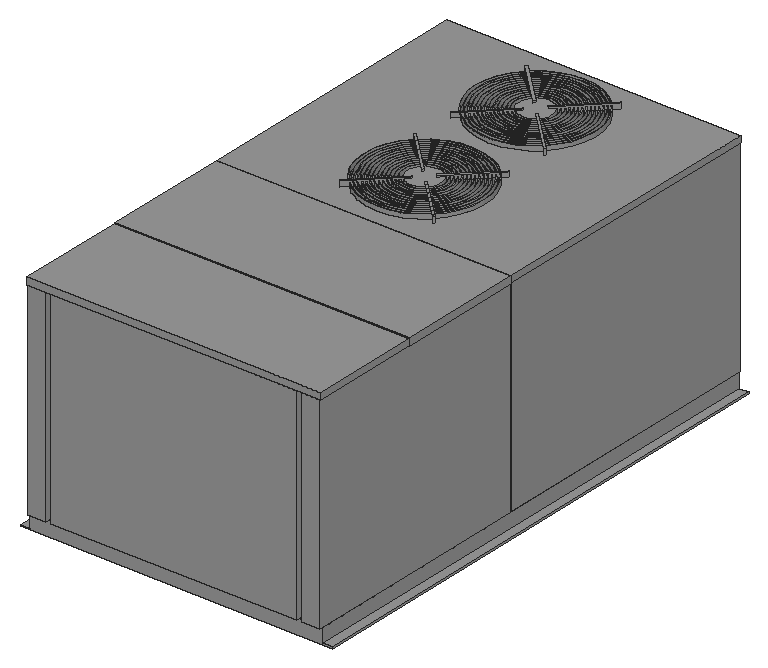
Revit family "CU-4", category Mechanical Equipment, host Face, Revit 2025
Family settings
  Host = Face
  Round Connector Dimension = Use Diameter
  Classification = None
  Part Type = Normal
  Cut with Voids When Loaded = No
  Maintain Annotation Orientation = No
  Shared = No
  Room Calculation Point = No
Parameters (values of type "MAC8X")
  x = 18.000"
  Width = 44.160"
  URL = "https://assets.heatcraftrpd.com/literature/installation-and-operation-manual/other/current/H-IM-67H.pdf"
  Model = "MAC 8X"
  Material = Steel, Paint Finish, Dark Gray
  Manufacturer = "BOHN"
  Length = 78.780"
  Grill Material = Steel, Paint Finish, Dark Gray
  Default Elevation = 48.000"
Reference planes (in)
  plane 1 "Center (Front/Back)": y = 0
  plane 2: z = 0
  plane 3 "Center (Left/Right)": x = 0
  plane 4: z = 33.19
  plane 5: y = -3.63
  plane 6: z = 34.19
  plane 7: y = -22.93
  plane 8: y = 37.65625
  plane 9: x = -42.34375
  plane 10: x = -41.03125
  plane 11: x = -31.02125
  plane 12: x = -31.52125
  plane 13: x = -32.02125
  plane 14: x = -32.52125
  plane 15: x = -33.02125
  plane 16: x = -33.52125
  plane 17: x = -34.02125
  plane 18: x = -34.52125
  plane 19: x = -35.02125
  plane 20: x = -35.52125
  plane 21: x = -36.02125
  plane 22: x = -36.52125
  plane 23: x = -37.02125
  plane 24: x = -14.71875
  plane 25: x = -16.03125
  plane 26: y = 51.46875
  plane 27: y = 50.15625
  plane 28: y = 23.84375
  plane 29: y = 25.15625
  plane 30: x = -28.53125
  plane 31: through (0, 28.57, 48) normal (0.7071, 0.7071, 0)
  plane 32: through (-8.71898, 39.38485, 90.315) normal (0.7071, -0.7071, 0)
  plane 33: through (-8.83883, 37.40883, 90.315) normal (-0.7071, 0.7071, 0)
  plane 34: through (-1.7607, 30.3307, 48) normal (-0.7071, 0.7071, 0)
  plane 35: through (-2.11425, 30.68425, 48) normal (-0.7071, 0.7071, 0)
  plane 36: through (-2.4678, 31.0378, 48) normal (-0.7071, 0.7071, 0)
  plane 37: through (-2.82136, 31.39136, 48) normal (-0.7071, 0.7071, 0)
  plane 38: through (-3.17491, 31.74491, 48) normal (-0.7071, 0.7071, 0)
  plane 39: through (-3.52846, 32.09846, 48) normal (-0.7071, 0.7071, 0)
  plane 40: through (-3.88202, 32.45202, 48) normal (-0.7071, 0.7071, 0)
  plane 41: through (-4.23557, 32.80557, 48) normal (-0.7071, 0.7071, 0)
  plane 42: through (-4.58912, 33.15912, 48) normal (-0.7071, 0.7071, 0)
  plane 43: through (-4.94268, 33.51268, 48) normal (-0.7071, 0.7071, 0)
  plane 44: through (-5.29623, 33.86623, 48) normal (-0.7071, 0.7071, 0)
  plane 45: through (-5.64978, 34.21978, 48) normal (-0.7071, 0.7071, 0)
  plane 46: through (-6.00334, 34.57334, 48) normal (-0.7071, 0.7071, 0)
  plane 47: through (10.81485, 19.85102, 90.315) normal (0.7071, -0.7071, 0)
  plane 48: through (8.83883, 19.73117, 90.315) normal (-0.7071, 0.7071, 0)
  plane 49: through (8.71898, 39.38485, 90.315) normal (0.7071, 0.7071, 0)
  plane 50: through (8.83883, 37.40883, 90.315) normal (-0.7071, -0.7071, 0)
  plane 51: through (-10.81485, 19.85102, 90.315) normal (0.7071, 0.7071, 0)
  plane 52: through (-8.83883, 19.73117, 90.315) normal (-0.7071, -0.7071, 0)
  plane 53: through (7.07107, 35.64107, 48) normal (0.7071, -0.7071, 0)
  plane 54: through (0, 7.65693, 48) normal (0.7071, 0.7071, 0)
  plane 55: through (-8.71898, 18.47178, 90.315) normal (0.7071, -0.7071, 0)
  plane 56: through (-8.83883, 16.49577, 90.315) normal (-0.7071, 0.7071, 0)
  plane 57: through (-1.7607, 9.41763, 48) normal (-0.7071, 0.7071, 0)
  plane 58: through (-2.11425, 9.77118, 48) normal (-0.7071, 0.7071, 0)
  plane 59: through (-2.4678, 10.12474, 48) normal (-0.7071, 0.7071, 0)
  plane 60: through (-2.82136, 10.47829, 48) normal (-0.7071, 0.7071, 0)
  plane 61: through (-3.17491, 10.83184, 48) normal (-0.7071, 0.7071, 0)
  plane 62: through (-3.52846, 11.1854, 48) normal (-0.7071, 0.7071, 0)
  plane 63: through (-3.88202, 11.53895, 48) normal (-0.7071, 0.7071, 0)
  plane 64: through (-4.23557, 11.8925, 48) normal (-0.7071, 0.7071, 0)
  plane 65: through (-4.58912, 12.24606, 48) normal (-0.7071, 0.7071, 0)
  plane 66: through (-4.94268, 12.59961, 48) normal (-0.7071, 0.7071, 0)
  plane 67: through (-5.29623, 12.95316, 48) normal (-0.7071, 0.7071, 0)
  plane 68: through (-5.64978, 13.30672, 48) normal (-0.7071, 0.7071, 0)
  plane 69: through (-6.00334, 13.66027, 48) normal (-0.7071, 0.7071, 0)
  plane 70: through (10.81485, -1.06204, 90.315) normal (0.7071, -0.7071, 0)
  plane 71: through (8.83883, -1.1819, 90.315) normal (-0.7071, 0.7071, 0)
  plane 72: through (8.71898, 18.47178, 90.315) normal (0.7071, 0.7071, 0)
  plane 73: through (8.83883, 16.49577, 90.315) normal (-0.7071, -0.7071, 0)
  plane 74: through (-10.81485, -1.06204, 90.315) normal (0.7071, 0.7071, 0)
  plane 75: through (-8.83883, -1.1819, 90.315) normal (-0.7071, -0.7071, 0)
  plane 76: through (7.07107, 14.728, 48) normal (0.7071, -0.7071, 0)
Forms (in)
  Extrusion 1, solid, material "Steel, Paint Finish, Dark Gray" <- "Material"
    sketch origin (0, 0, 0) x (1, 0, 0) y (0, 0, 1)
      loop
        line (21.93, 2.3) -> (-21.93, 2.3) -> (-21.93, 0.2) -> (-23.43, 0.2) -> (-23.43, 0) -> (23.43, 0) -> (23.43, 0.2) -> (21.93, 0.2) -> (21.93, 2.3)
    from -39.19 to 38.89
  Extrusion 2, solid, material "Steel, Paint Finish, Dark Gray" <- "Material"
    sketch origin (-11, 0, 0) x (1, 0, 0) y (0, 1, 0)
      loop
        line (-8.23, -3.63) -> (-10.93, -3.63) -> (-10.93, -39.39) -> (-8.23, -39.39) -> (-8.23, -3.63)
    from 2.3 to 33.19
  Extrusion 3, solid, material "Steel, Paint Finish, Dark Gray" <- "Material"
    sketch origin (30.16, 0, 0) x (1, 0, 0) y (0, 1, 0)
      loop
        line (-8.23, -3.63) -> (-10.93, -3.63) -> (-10.93, -39.39) -> (-8.23, -39.39) -> (-8.23, -3.63)
    from 2.3 to 33.19
  Extrusion 4, solid, material "Steel, Paint Finish, Dark Gray" <- "Material"
    sketch origin (4, 46.5, 0) x (1, 0, 0) y (0, 1, 0)
      loop
        line (14.5, -7.11) -> (-22.5, -7.11) -> (-22.5, -85.89) -> (14.5, -85.89) -> (14.5, -7.11)
    from 2.3 to 33.19
  Extrusion 5, solid, material "Steel, Paint Finish, Dark Gray" <- "Material"
    sketch origin (30.16, 43.25, 0) x (1, 0, 0) y (0, 1, 0)
      loop
        line (-8.23, -3.86) -> (-10.93, -3.86) -> (-10.93, -46.49146) -> (-8.23, -46.49146) -> (-8.23, -3.86)
    from 2.3 to 33.19
  Extrusion 6, solid, material "Steel, Paint Finish, Dark Gray" <- "Material"
    sketch origin (-11.09, 43.25, 0) x (1, 0, 0) y (0, 1, 0)
      loop
        line (-8.14, -3.86) -> (-10.84, -3.86) -> (-10.84, -46.49146) -> (-8.14, -46.49146) -> (-8.14, -3.86)
    from 2.3 to 33.19
  Extrusion 7, solid, material "Steel, Paint Finish, Dark Gray" <- "Material"
    sketch origin (0, 0, 0) x (1, 0, 0) y (0, 1, 0)
      loop
        line (-22.08, 39.39) -> (-22.08, -3.63) -> (22.08, -3.63) -> (22.08, 39.39) -> (-22.08, 39.39)
    from 33.19 to 34.19
  Extrusion 8, solid, material "Steel, Paint Finish, Dark Gray" <- "Material"
    sketch origin (0, -43.02, 0) x (1, 0, 0) y (0, 1, 0)
      loop
        line (-22.08, 20.09) -> (-22.08, 3.63) -> (22.08, 3.63) -> (22.08, 20.09) -> (-22.08, 20.09)
    from 33.19 to 34.19
  Extrusion 9, solid, material "Steel, Paint Finish, Dark Gray" <- "Grill Material", not visible
    sketch origin (0, 0, 54.625) x (1, 0, 0) y (0, 1, 0)
      loop
        circle (-28.53125, 37.65625) r 2.49
      loop
        circle (-28.53125, 37.65625) r 3
      loop
        circle (-28.53125, 37.65625) r 3.49
      loop
        circle (-28.53125, 37.65625) r 3.99
      loop
        circle (-28.53125, 37.65625) r 4.49
      loop
        circle (-28.53125, 37.65625) r 4.99
      loop
        circle (-28.53125, 37.65625) r 5.49
      loop
        circle (-28.53125, 37.65625) r 5.99
      loop
        circle (-28.53125, 37.65625) r 6.49
      loop
        circle (-28.53125, 37.65625) r 6.99
      loop
        circle (-28.53125, 37.65625) r 7.49
      loop
        circle (-28.53125, 37.65625) r 7.99
      loop
        circle (-28.53125, 37.65625) r 8.49
      loop
        circle (-28.53125, 37.65625) r 8.99
      loop
        circle (-28.53125, 37.65625) r 3.43
      loop
        circle (-28.53125, 37.65625) r 3.93
      loop
        circle (-28.53125, 37.65625) r 4.43
      loop
        circle (-28.53125, 37.65625) r 4.93
      loop
        circle (-28.53125, 37.65625) r 5.43
      loop
        circle (-28.53125, 37.65625) r 5.93
      loop
        circle (-28.53125, 37.65625) r 6.43
      loop
        circle (-28.53125, 37.65625) r 6.93
      loop
        circle (-28.53125, 37.65625) r 7.43
      loop
        circle (-28.53125, 37.65625) r 7.93
      loop
        circle (-28.53125, 37.65625) r 8.43
      loop
        circle (-28.53125, 37.65625) r 8.93
      loop
        circle (-28.53125, 37.65625) r 2.94
    from 0 to 0.625
  Extrusion 10, solid, material "Steel, Paint Finish, Dark Gray" <- "Grill Material", not visible
    sketch origin (0, 0, 55.75) x (1, 0, 0) y (0, 1, 0)
      loop
        line (-38.53125, 37.78125) -> (-38.53125, 37.53125) -> (-30.02125, 37.53125) -> (-30.02125, 37.78125) -> (-38.53125, 37.78125)
    from -1.125 to -0.3427
  Extrusion 11, solid, material "Steel, Paint Finish, Dark Gray" <- "Grill Material", not visible
    sketch origin (-57.0625, 0, 55.75) x (-1, 0, 0) y (0, -1, 0)
      loop
        line (-38.53125, -37.78125) -> (-30.02125, -37.78125) -> (-30.02125, -37.53125) -> (-38.53125, -37.53125) -> (-38.53125, -37.78125)
    from -1.125 to -0.3427
  Extrusion 12, solid, material "Steel, Paint Finish, Dark Gray" <- "Grill Material", not visible
    sketch origin (9.125, 9.125, 55.75) x (0, -1, 0) y (1, 0, 0)
      loop
        line (-38.53125, -37.78125) -> (-30.02125, -37.78125) -> (-30.02125, -37.53125) -> (-38.53125, -37.53125) -> (-38.53125, -37.78125)
    from -1.125 to -0.3427
  Extrusion 13, solid, material "Steel, Paint Finish, Dark Gray" <- "Grill Material", not visible
    sketch origin (9.125, 66.1875, 55.75) x (0, 1, 0) y (-1, 0, 0)
      loop
        line (-38.53125, 37.78125) -> (-38.53125, 37.53125) -> (-30.02125, 37.53125) -> (-30.02125, 37.78125) -> (-38.53125, 37.78125)
    from -1.125 to -0.3427
  Extrusion 14, solid, material "Steel, Paint Finish, Dark Gray" <- "Grill Material"
    sketch origin (-6.45235, -18.23163, 34.19) x (0.707107, -0.707107, 0) y (0.707107, 0.707107, 0)
      loop
        circle (-28.53125, 37.65625) r 2.49
      loop
        circle (-28.53125, 37.65625) r 3
      loop
        circle (-28.53125, 37.65625) r 3.49
      loop
        circle (-28.53125, 37.65625) r 3.99
      loop
        circle (-28.53125, 37.65625) r 4.49
      loop
        circle (-28.53125, 37.65625) r 4.99
      loop
        circle (-28.53125, 37.65625) r 5.49
      loop
        circle (-28.53125, 37.65625) r 5.99
      loop
        circle (-28.53125, 37.65625) r 6.49
      loop
        circle (-28.53125, 37.65625) r 6.99
      loop
        circle (-28.53125, 37.65625) r 7.49
      loop
        circle (-28.53125, 37.65625) r 7.99
      loop
        circle (-28.53125, 37.65625) r 8.49
      loop
        circle (-28.53125, 37.65625) r 8.99
      loop
        circle (-28.53125, 37.65625) r 3.43
      loop
        circle (-28.53125, 37.65625) r 3.93
      loop
        circle (-28.53125, 37.65625) r 4.43
      loop
        circle (-28.53125, 37.65625) r 4.93
      loop
        circle (-28.53125, 37.65625) r 5.43
      loop
        circle (-28.53125, 37.65625) r 5.93
      loop
        circle (-28.53125, 37.65625) r 6.43
      loop
        circle (-28.53125, 37.65625) r 6.93
      loop
        circle (-28.53125, 37.65625) r 7.43
      loop
        circle (-28.53125, 37.65625) r 7.93
      loop
        circle (-28.53125, 37.65625) r 8.43
      loop
        circle (-28.53125, 37.65625) r 8.93
      loop
        circle (-28.53125, 37.65625) r 2.94
    from 0 to 0.625
  Extrusion 15, solid, material "Steel, Paint Finish, Dark Gray" <- "Grill Material"
    sketch origin (-6.45235, -18.23163, 35.315) x (0.707107, -0.707107, 0) y (0.707107, 0.707107, 0)
      loop
        line (-38.53125, 37.78125) -> (-38.53125, 37.53125) -> (-30.02125, 37.53125) -> (-30.02125, 37.78125) -> (-38.53125, 37.78125)
    from -1.125 to -0.3427
  Extrusion 16, solid, material "Steel, Paint Finish, Dark Gray" <- "Grill Material"
    sketch origin (-46.80163, 22.11765, 35.315) x (-0.707107, 0.707107, 0) y (-0.707107, -0.707107, 0)
      loop
        line (-38.53125, -37.78125) -> (-30.02125, -37.78125) -> (-30.02125, -37.53125) -> (-38.53125, -37.53125) -> (-38.53125, -37.78125)
    from -1.125 to -0.3427
  Extrusion 17, solid, material "Steel, Paint Finish, Dark Gray" <- "Grill Material"
    sketch origin (6.45235, -18.23163, 35.315) x (-0.707107, -0.707107, 0) y (0.707107, -0.707107, 0)
      loop
        line (-38.53125, -37.78125) -> (-30.02125, -37.78125) -> (-30.02125, -37.53125) -> (-38.53125, -37.53125) -> (-38.53125, -37.78125)
    from -1.125 to -0.3427
  Extrusion 18, solid, material "Steel, Paint Finish, Dark Gray" <- "Grill Material"
    sketch origin (46.80163, 22.11765, 35.315) x (0.707107, 0.707107, 0) y (-0.707107, 0.707107, 0)
      loop
        line (-38.53125, 37.78125) -> (-38.53125, 37.53125) -> (-30.02125, 37.53125) -> (-30.02125, 37.78125) -> (-38.53125, 37.78125)
    from -1.125 to -0.3427
  Extrusion 19, solid, material "Steel, Paint Finish, Dark Gray" <- "Grill Material"
    sketch origin (-6.45235, -39.1447, 34.19) x (0.707107, -0.707107, 0) y (0.707107, 0.707107, 0)
      loop
        circle (-28.53125, 37.65625) r 2.49
      loop
        circle (-28.53125, 37.65625) r 3
      loop
        circle (-28.53125, 37.65625) r 3.49
      loop
        circle (-28.53125, 37.65625) r 3.99
      loop
        circle (-28.53125, 37.65625) r 4.49
      loop
        circle (-28.53125, 37.65625) r 4.99
      loop
        circle (-28.53125, 37.65625) r 5.49
      loop
        circle (-28.53125, 37.65625) r 5.99
      loop
        circle (-28.53125, 37.65625) r 6.49
      loop
        circle (-28.53125, 37.65625) r 6.99
      loop
        circle (-28.53125, 37.65625) r 7.49
      loop
        circle (-28.53125, 37.65625) r 7.99
      loop
        circle (-28.53125, 37.65625) r 8.49
      loop
        circle (-28.53125, 37.65625) r 8.99
      loop
        circle (-28.53125, 37.65625) r 3.43
      loop
        circle (-28.53125, 37.65625) r 3.93
      loop
        circle (-28.53125, 37.65625) r 4.43
      loop
        circle (-28.53125, 37.65625) r 4.93
      loop
        circle (-28.53125, 37.65625) r 5.43
      loop
        circle (-28.53125, 37.65625) r 5.93
      loop
        circle (-28.53125, 37.65625) r 6.43
      loop
        circle (-28.53125, 37.65625) r 6.93
      loop
        circle (-28.53125, 37.65625) r 7.43
      loop
        circle (-28.53125, 37.65625) r 7.93
      loop
        circle (-28.53125, 37.65625) r 8.43
      loop
        circle (-28.53125, 37.65625) r 8.93
      loop
        circle (-28.53125, 37.65625) r 2.94
    from 0 to 0.625
  Extrusion 20, solid, material "Steel, Paint Finish, Dark Gray" <- "Grill Material"
    sketch origin (-6.45235, -39.1447, 35.315) x (0.707107, -0.707107, 0) y (0.707107, 0.707107, 0)
      loop
        line (-38.53125, 37.78125) -> (-38.53125, 37.53125) -> (-30.02125, 37.53125) -> (-30.02125, 37.78125) -> (-38.53125, 37.78125)
    from -1.125 to -0.3427
  Extrusion 21, solid, material "Steel, Paint Finish, Dark Gray" <- "Grill Material"
    sketch origin (-46.80163, 1.20459, 35.315) x (-0.707107, 0.707107, 0) y (-0.707107, -0.707107, 0)
      loop
        line (-38.53125, -37.78125) -> (-30.02125, -37.78125) -> (-30.02125, -37.53125) -> (-38.53125, -37.53125) -> (-38.53125, -37.78125)
    from -1.125 to -0.3427
  Extrusion 22, solid, material "Steel, Paint Finish, Dark Gray" <- "Grill Material"
    sketch origin (6.45235, -39.1447, 35.315) x (-0.707107, -0.707107, 0) y (0.707107, -0.707107, 0)
      loop
        line (-38.53125, -37.78125) -> (-30.02125, -37.78125) -> (-30.02125, -37.53125) -> (-38.53125, -37.53125) -> (-38.53125, -37.78125)
    from -1.125 to -0.3427
  Extrusion 23, solid, material "Steel, Paint Finish, Dark Gray" <- "Grill Material"
    sketch origin (46.80163, 1.20459, 35.315) x (0.707107, 0.707107, 0) y (-0.707107, 0.707107, 0)
      loop
        line (-38.53125, 37.78125) -> (-38.53125, 37.53125) -> (-30.02125, 37.53125) -> (-30.02125, 37.78125) -> (-38.53125, 37.78125)
    from -1.125 to -0.3427
  Extrusion 24, solid, material "Steel, Paint Finish, Dark Gray" <- "Material"
    sketch origin (-2.7, -26.56, 0) x (1, 0, 0) y (0, 1, 0)
      loop
        line (-19.38, 22.80369) -> (-19.38, 3.80802) -> (24.78, 3.80802) -> (24.78, 22.80369) -> (-19.38, 22.80369)
    from 33.19 to 34.19
  Extrusion 25, void
    sketch origin (0, 0, 0) x (1, 0, 0) y (0, 1, 0)
      loop
        circle (0, 28.57) r 8.99
      loop
        circle (0, 7.65693) r 8.99
    from 24.81227 to 34.19
Cuts and joins
  Extrusion 25 cuts Extrusion 1
  Extrusion 25 cuts Extrusion 4
  Extrusion 25 cuts Extrusion 8
  Extrusion 25 cuts Extrusion 24
  Extrusion 25 cuts Extrusion 7
Dimensions and locks (in)
  equal spacing: Extrusion 1 sketch curve, plane 3 "Center (Left/Right)", Extrusion 1 sketch curve
  Extrusion 1 sketch curve to Extrusion 1 sketch curve = 46.860"
  plane 4 to level = 33.190"
  Extrusion 4 sketch curve to Extrusion 4 sketch curve = 37.000"  (x2)
  plane 7 to Extrusion 8 = 16.460"
  Extrusion 24 sketch curve to Extrusion 24 sketch curve = 44.160"
  "Width": Extrusion 24 sketch curve to Extrusion 24 sketch curve
  aligned and locked: plane 2 to host face
  aligned and locked: level to host face
Automatic sketch dimensions
  Extrusion 9 sketch curve to Extrusion 9 sketch curve = 0.000"  (x702)
  Extrusion 9 sketch curve to plane 8 = 0.000"
  Extrusion 9 sketch curve to plane 11 = 2.490"
  plane 8 to Extrusion 10 sketch curve = 0.125"
  Extrusion 10 sketch curve to plane 10 = 2.500"
  Extrusion 10 sketch curve to plane 8 = 0.125"
  Extrusion 10 sketch curve to Extrusion 10 sketch curve = 8.510"
  Extrusion 14 sketch curve to Extrusion 14 sketch curve = 0.000"  (x702)
  Extrusion 14 sketch curve to plane 31 = 0.000"
  Extrusion 14 sketch curve to plane 34 = 2.490"
  plane 31 to Extrusion 15 sketch curve = 0.125"
  Extrusion 15 sketch curve to plane 33 = 2.500"
  Extrusion 15 sketch curve to plane 31 = 0.125"
  Extrusion 15 sketch curve to Extrusion 15 sketch curve = 8.510"
  plane 31 to Extrusion 16 sketch curve = 0.125"
  Extrusion 16 sketch curve to plane 48 = 2.500"
  Extrusion 16 sketch curve to plane 31 = 0.125"
  Extrusion 16 sketch curve to Extrusion 16 sketch curve = 8.510"
  Extrusion 17 sketch curve to plane 50 = 2.500"
  plane 31 to Extrusion 17 sketch curve = 1.490"
  Extrusion 17 sketch curve to Extrusion 17 sketch curve = 0.250"
  Extrusion 18 sketch curve to plane 52 = 2.500"
  Extrusion 18 sketch curve to plane 31 = 1.490"
  Extrusion 18 sketch curve to Extrusion 18 sketch curve = 0.250"
  Extrusion 19 sketch curve to Extrusion 19 sketch curve = 0.000"  (x702)
  Extrusion 19 sketch curve to plane 54 = 0.000"
  Extrusion 19 sketch curve to plane 57 = 2.490"
  plane 54 to Extrusion 20 sketch curve = 0.125"
  Extrusion 20 sketch curve to plane 56 = 2.500"
  Extrusion 20 sketch curve to plane 54 = 0.125"
  Extrusion 20 sketch curve to Extrusion 20 sketch curve = 8.510"
  plane 54 to Extrusion 21 sketch curve = 0.125"
  Extrusion 21 sketch curve to plane 71 = 2.500"
  Extrusion 21 sketch curve to plane 54 = 0.125"
  Extrusion 21 sketch curve to Extrusion 21 sketch curve = 8.510"
  Extrusion 22 sketch curve to plane 73 = 2.500"
  plane 54 to Extrusion 22 sketch curve = 1.490"
  Extrusion 22 sketch curve to Extrusion 22 sketch curve = 0.250"
  Extrusion 23 sketch curve to plane 75 = 2.500"
  Extrusion 23 sketch curve to plane 54 = 1.490"
  Extrusion 23 sketch curve to Extrusion 23 sketch curve = 0.250"
  host sketch curve to host sketch curve = 96.000"  (x2)
  Extrusion 1 sketch curve to level = 0.000"
  level to Extrusion 1 sketch curve = 0.200"  (x2)
  Extrusion 1 sketch curve to Extrusion 1 sketch curve = 1.500"  (x2)
  Extrusion 1 sketch curve to Extrusion 1 sketch curve = 2.100"
  Extrusion 2 sketch curve to plane 5 = 0.000"
  Extrusion 2 sketch curve to plane 3 "Center (Left/Right)" = 21.930"
  Extrusion 2 sketch curve to Extrusion 2 sketch curve = 2.700"
  Extrusion 2 sketch curve to plane 7 = 16.460"
  Extrusion 3 sketch curve to plane 5 = 0.000"
  plane 3 "Center (Left/Right)" to Extrusion 3 sketch curve = 19.230"
  Extrusion 3 sketch curve to Extrusion 3 sketch curve = 2.700"
  Extrusion 3 sketch curve to plane 7 = 16.460"
  Extrusion 4 sketch curve to plane 3 "Center (Left/Right)" = 18.500"
  Extrusion 4 sketch curve to plane 7 = 16.460"
  Extrusion 4 sketch curve to plane 1 "Center (Front/Back)" = 39.390"
  plane 3 "Center (Left/Right)" to Extrusion 5 sketch curve = 19.230"
  plane 5 to Extrusion 5 sketch curve = 0.38854"
  Extrusion 5 sketch curve to Extrusion 5 sketch curve = 2.700"
  Extrusion 5 sketch curve to plane 1 "Center (Front/Back)" = 39.390"
  Extrusion 6 sketch curve to plane 3 "Center (Left/Right)" = 21.930"
  plane 5 to Extrusion 6 sketch curve = 0.38854"
  Extrusion 6 sketch curve to Extrusion 6 sketch curve = 2.700"
  Extrusion 6 sketch curve to plane 1 "Center (Front/Back)" = 39.390"
  Extrusion 8 sketch curve to plane 7 = 0.000"
  Extrusion 8 sketch curve to plane 7 = 16.460"
  Extrusion 8 sketch curve to plane 3 "Center (Left/Right)" = 22.080"
  plane 3 "Center (Left/Right)" to Extrusion 8 sketch curve = 22.080"
  Extrusion 7 sketch curve to plane 5 = 0.000"
  Extrusion 7 sketch curve to plane 1 "Center (Front/Back)" = 39.390"
  Extrusion 7 sketch curve to plane 3 "Center (Left/Right)" = 22.080"
  plane 3 "Center (Left/Right)" to Extrusion 7 sketch curve = 22.080"
  Extrusion 25 sketch curve to plane 3 "Center (Left/Right)" = 0.000"  (x2)
  Extrusion 25 sketch curve to plane 54 = 0.000"
  Extrusion 25 sketch curve to plane 31 = 0.000"
  plane 7 to Extrusion 24 sketch curve = 0.17802"
  Extrusion 24 sketch curve to plane 3 "Center (Left/Right)" = 22.080"
  Extrusion 24 sketch curve to plane 5 = 0.12631"
  radius of Extrusion 9 sketch curve = 2.490"
  radius of Extrusion 9 sketch curve = 3.000"
  radius of Extrusion 9 sketch curve = 3.490"
  radius of Extrusion 9 sketch curve = 3.990"
  radius of Extrusion 9 sketch curve = 4.490"
  radius of Extrusion 9 sketch curve = 4.990"
  radius of Extrusion 9 sketch curve = 5.490"
  radius of Extrusion 9 sketch curve = 5.990"
  radius of Extrusion 9 sketch curve = 6.490"
  radius of Extrusion 9 sketch curve = 6.990"
  radius of Extrusion 9 sketch curve = 7.490"
  radius of Extrusion 9 sketch curve = 7.990"
  radius of Extrusion 9 sketch curve = 8.490"
  radius of Extrusion 9 sketch curve = 8.990"
  radius of Extrusion 9 sketch curve = 3.430"
  radius of Extrusion 9 sketch curve = 3.930"
  radius of Extrusion 9 sketch curve = 4.430"
  radius of Extrusion 9 sketch curve = 4.930"
  radius of Extrusion 9 sketch curve = 5.430"
  radius of Extrusion 9 sketch curve = 5.930"
  radius of Extrusion 9 sketch curve = 6.430"
  radius of Extrusion 9 sketch curve = 6.930"
  radius of Extrusion 9 sketch curve = 7.430"
  radius of Extrusion 9 sketch curve = 7.930"
  radius of Extrusion 9 sketch curve = 8.430"
  radius of Extrusion 9 sketch curve = 8.930"
  radius of Extrusion 9 sketch curve = 2.940"
  radius of Extrusion 14 sketch curve = 2.490"
  radius of Extrusion 14 sketch curve = 3.000"
  radius of Extrusion 14 sketch curve = 3.490"
  radius of Extrusion 14 sketch curve = 3.990"
  radius of Extrusion 14 sketch curve = 4.490"
  radius of Extrusion 14 sketch curve = 4.990"
  radius of Extrusion 14 sketch curve = 5.490"
  radius of Extrusion 14 sketch curve = 5.990"
  radius of Extrusion 14 sketch curve = 6.490"
  radius of Extrusion 14 sketch curve = 6.990"
  radius of Extrusion 14 sketch curve = 7.490"
  radius of Extrusion 14 sketch curve = 7.990"
  radius of Extrusion 14 sketch curve = 8.490"
  radius of Extrusion 14 sketch curve = 8.990"
  radius of Extrusion 14 sketch curve = 3.430"
  radius of Extrusion 14 sketch curve = 3.930"
  radius of Extrusion 14 sketch curve = 4.430"
  radius of Extrusion 14 sketch curve = 4.930"
  radius of Extrusion 14 sketch curve = 5.430"
  radius of Extrusion 14 sketch curve = 5.930"
  radius of Extrusion 14 sketch curve = 6.430"
  radius of Extrusion 14 sketch curve = 6.930"
  radius of Extrusion 14 sketch curve = 7.430"
  radius of Extrusion 14 sketch curve = 7.930"
  radius of Extrusion 14 sketch curve = 8.430"
  radius of Extrusion 14 sketch curve = 8.930"
  radius of Extrusion 14 sketch curve = 2.940"
  radius of Extrusion 19 sketch curve = 2.490"
  radius of Extrusion 19 sketch curve = 3.000"
  radius of Extrusion 19 sketch curve = 3.490"
  radius of Extrusion 19 sketch curve = 3.990"
  radius of Extrusion 19 sketch curve = 4.490"
  radius of Extrusion 19 sketch curve = 4.990"
  radius of Extrusion 19 sketch curve = 5.490"
  radius of Extrusion 19 sketch curve = 5.990"
  radius of Extrusion 19 sketch curve = 6.490"
  radius of Extrusion 19 sketch curve = 6.990"
  radius of Extrusion 19 sketch curve = 7.490"
  radius of Extrusion 19 sketch curve = 7.990"
  radius of Extrusion 19 sketch curve = 8.490"
  radius of Extrusion 19 sketch curve = 8.990"
  radius of Extrusion 19 sketch curve = 3.430"
  radius of Extrusion 19 sketch curve = 3.930"
  radius of Extrusion 19 sketch curve = 4.430"
  radius of Extrusion 19 sketch curve = 4.930"
  radius of Extrusion 19 sketch curve = 5.430"
  radius of Extrusion 19 sketch curve = 5.930"
  radius of Extrusion 19 sketch curve = 6.430"
  radius of Extrusion 19 sketch curve = 6.930"
  radius of Extrusion 19 sketch curve = 7.430"
  radius of Extrusion 19 sketch curve = 7.930"
  radius of Extrusion 19 sketch curve = 8.430"
  radius of Extrusion 19 sketch curve = 8.930"
  radius of Extrusion 19 sketch curve = 2.940"
  radius of Extrusion 25 sketch curve = 8.990"  (x2)
